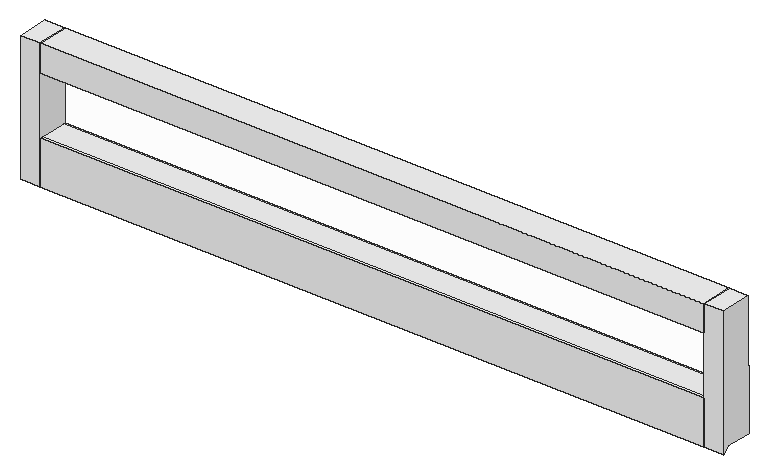
Revit family "SAE103-W", category Lighting Fixtures, host Face, Revit 2021
Family settings
  Host = Face
  Round Connector Dimension = Use Diameter
  Part Type = Normal
  OmniClass Number = 23.80.70.11.14.17
  OmniClass Title = Direct/Indirect
  Cut with Voids When Loaded = No
  Light Source = Yes
  Shared = Yes
  Room Calculation Point = No
Parameters (values of type "SAE103-W-03")
  Wattage = 4.6 W
  Warranty = "5-Years Warranty"
  built-in parameter 1150110 = 1 (stored number, unit not read)
  Voltage = 120 V
  Uplight Distribution = "Low Peak Angle"  # constant formula
  Type Comments = "Lighting FIxture"  # constant formula
  built-in parameter 1114217 = 1 (stored number, unit not read)
  Tilt Angle = -90.00°
  built-in parameter 1150109 = 1 (stored number, unit not read)
  built-in parameter 1150134 = (empty or 0)
  built-in parameter 1150113 = 1 (stored number, unit not read)
  Product Documentation Link = ""
  Power Factor = 1
  Photometric Web File = "SAE103-W-ID-LPA-04-SGL-Cx-35K-ID055.ies"
  Photometric Notes = "More IES files download on Photometric Web Link"  # constant formula
  zz Length 1 = 3' - 0"
  Wattage Comments = "121 Lumens/Watt"  # constant formula
  URL = "https://www.currentlighting.com/litecontrol"
  Product Page URL = ""
  Mounting = "Wall Mount"  # constant formula
  Model = "SAE103-W"  # constant formula
  Manufacturer = "Litecontrol"  # constant formula
  built-in parameter 1150105 = 43.561 (stored number, unit not read)
  Lumens = 547.4 lm
  built-in parameter 1150115 = 1 (stored number, unit not read)
  Load Classification = Lighting
  built-in parameter 1150137 = (empty or 0)
  built-in parameter 1150139 = (empty or 0)
  built-in parameter 1150112 = 1 (stored number, unit not read)
  built-in parameter 1150114 = 1 (stored number, unit not read)
  Lamp = "LED's"  # constant formula
  built-in parameter 1150132 = (empty or 0)
  built-in parameter 1150102 = (empty or 0)
  built-in parameter 1150107 = 3500 (stored number, unit not read)
  built-in parameter 1150138 = (empty or 0)
  built-in parameter 1150106 = 0.43561 (stored number, unit not read)
  Glass = White Glass
  Fixture Distribution = "Indirect/Direct"  # constant formula
  Emit from Rectangle Width = 0' - 3"  # constant formula
  Emit from Rectangle Length = zz Length 1 - 0' 2"  # 2' - 10"
  Emit Shape Visible in Rendering = no
  built-in parameter 1150104 = 11.055 (stored number, unit not read)
  Downlight Diffuser = "Soft Glow Lens/Blade Baffle with Overlay"  # constant formula
  Dimming Lamp Color Temperature Shift = <None>
  Description = "Linear Pendant Indirect/Direct"  # constant formula
  Default Elevation = 4' - 0"
  Copyright = "Copyright ©  Litecontrol"  # constant formula
  Contact Us = ""
  Color Filter = 16777215
  Circuiting = "1 Circuit"  # constant formula
  built-in parameter 1114218 = 1 (stored number, unit not read)
  Housing Material = Paint - Matte White
  built-in parameter 1150133 = 10 (stored number, unit not read)
  Assembly Code = "D5020200"
  Apparent Load = 0 VA
Types (5): name | zz Length 1 | Emit from Rectangle Length
  (no name) | 3' - 0" | 2' - 10"
  SAE103-W-04 | 4' - 0" | 3' - 10"
  SAE103-W-03 | 3' - 0" | 2' - 10"
  SAE103-W-06 | 6' - 0" | 5' - 10"
  SAE103-W-08 | 8' - 0" | 7' - 10"
Reference planes (in)
  plane 1 "Center (Front/Back)": y = 13.01342
  plane 2: z = 0
  plane 3 "Center (Left/Right)": x = 0
Dimensions and locks (in)
  aligned and locked: plane 2 to host face
  aligned and locked: level to host face
  aligned and locked: plane 3 "Center (Left/Right)" to imposter light
  aligned and locked: nested 1 to plane 3 "Center (Left/Right)"
  aligned and locked: imposter light to nested 1
  aligned and locked: nested 1 to plane 2
Nested families (in)
  nested 1: "103-W" at (0.01104, 13.01342, 3.31001) x (-1, 0, 0) z (0, 1, 0), Glass <- "Glass", Backbox <- "Housing Material", Length <- "zz Length 1", type "103-W"
    with Length 3' - 0", Glass White Glass, Backbox Paint - Matte White
Connectors (in)
  electrical at (0, 14.70062, 0), driven by "Load Classification", driven by "Voltage", driven by "Apparent Load", driven by "Power Factor"
    settings: on nested 1, index 1, voltage 120 V, apparent load 0 VA, apparent load phase1 0 VA, apparent load phase2 0 VA, apparent load phase3 0 VA, power factor 1, load classification "Lighting", number of poles 1, system type 30, power factor state 1, is connector primary yes, connector utility no, sub classification motor no, connector description "Electrical Conncetor"
Definition of nested family "103-W"
  Parameters
    Wattage Comments = ""
    URL = ""
    Model = ""
    Manufacturer = ""
    Length [instance] = 3' - 0"
    Lamp = ""
    Glass [instance] = none
    Description = ""
    Default Elevation = 4' - 0"
    Backbox [instance] = none
    Apparent Load = 0 VA
  Reference planes (in)
    plane 1 "Center (Front/Back)": y = 0.03999
    plane 2: z = 0
    plane 3 "Center (Left/Right)": x = 0.01104
    plane 4: z = 1.6
    plane 5: z = 1.475
    plane 6: x = -17.98896
    plane 7: x = 18.01104
    plane 8: x = -16.98896
    plane 9: x = 17.01104
    plane 10: y = 2.03999
    plane 11: y = -0.96001
    plane 12: z = 0.125
    plane 13: y = -3.31001
    plane 14: y = 3.38999
    plane 15: y = 3.26499
    plane 16: y = -3.18501
    plane 17: z = 3
    plane 18: x = -13.48896
    plane 19: x = -16.48896
    plane 20: x = -10.48896
    plane 21: x = 13.51104
    plane 22: x = 16.51104
    plane 23: x = 10.51104
  Forms (in)
    Extrusion 1, solid
      sketch origin (0, 0, 0.06357) x (1, 0, 0) y (0, 1, 0)
        loop
          line (-48, 48) -> (-48, -48) -> (48, -48) -> (48, 48) -> (-48, 48)
      from -0.06357 to -12.81105
    Extrusion 2, solid, material <- "Backbox"
      sketch origin (17.01104, -180, 29.46954) x (0, 0, 1) y (0, -1, 0)
        loop
          line (-27.86954, -183.38999) -> (-27.86954, -177.06499) -> (-29.18776, -177.06499) -> (-29.46954, -176.81499) -> (-29.46954, -183.38999) -> (-27.86954, -183.38999)
      from 0 to 1
    Extrusion 3, solid, material <- "Backbox"
      sketch origin (-16.98896, -180, 28.85133) x (0, 0, 1) y (0, -1, 0)
        loop
          line (-27.25133, -183.38999) -> (-27.25133, -177.06499) -> (-28.56955, -177.06499) -> (-28.85133, -176.81499) -> (-28.85133, -183.38999) -> (-27.25133, -183.38999)
      from 0 to -1
    Extrusion 4, solid, material <- "Glass"
      sketch origin (-23.78896, 8.13374, 2) x (0, -1, 0) y (1, 0, 0)
        loop
          line (6.09375, 6.8) -> (9.09375, 6.8) -> (9.09375, 40.8) -> (6.09375, 40.8) -> (6.09375, 6.8)
      from -0.525 to -1.875
    Extrusion 5, solid, material <- "Backbox"
      sketch origin (0.01104, 0, 0) x (0, 1, 0) y (0, 0, 1)
        loop
          line (3.38999, 1.6) -> (2.03999, 1.6) -> (2.03999, 0) -> (3.38999, 0) -> (3.38999, 1.6)
        loop
          line (-3.18501, 0) -> (-0.96001, 0) -> (-0.96001, 1.6) -> (-2.93501, 1.6) -> (-2.93501, 0.28179) -> (-3.18501, 0)
      from -17 to 17
    Extrusion 6, solid, material <- "Backbox"
      sketch origin (0.01104, 0, 0) x (0, 1, 0) y (0, 0, 1)
        loop
          line (-3.31001, 0.40503) -> (-2.93501, 0.40503) -> (-2.93501, 3) -> (-3.31001, 3) -> (-3.31001, 0.40503)
      from -16.5 to -10.5
    Extrusion 7, solid, material <- "Backbox"
      sketch origin (0.01104, 0, 0) x (0, 1, 0) y (0, 0, -1)
        loop
          line (-3.31001, -0.40503) -> (-3.31001, -3) -> (-2.93501, -3) -> (-2.93501, -0.40503) -> (-3.31001, -0.40503)
      from -16.5 to -10.5
  Cuts and joins
    joined: Extrusion 2, Extrusion 3
    joined: Extrusion 5, Extrusion 6
  Dimensions and locks (in)
    plane 4 to Extrusion 1 = 0' - 1.6"
    "Length": plane 7 to plane 6
    locked: plane 8 to plane 6 at 1
    locked: plane 7 to plane 9 at 1
    equal spacing: plane 7, plane 3 "Center (Left/Right)", plane 6
    locked: plane 12 to Extrusion 1 at 0.125
    plane 10 to plane 11 = 0' - 3"
    plane 10 to plane 1 "Center (Front/Back)" to plane 11 = 0' - 2" locked, 0' - 1" locked
    locked: plane 14 to plane 15 at 0.125
    locked: plane 16 to plane 13 at 0.125
    plane 13 to plane 14 = 0' - 6.7"
    plane 13 to plane 1 "Center (Front/Back)" = 0' - 3.35"
    equal spacing: plane 14, plane 1 "Center (Front/Back)", plane 13
    locked: plane 4 to plane 5 at 0.125
    plane 17 to plane 2 = 0' - 3"
    equal spacing: plane 23, plane 21, plane 22, locked at 3 each
    equal spacing: plane 19, plane 18, plane 20, locked at 3 each
    locked: plane 18 to plane 6 at 4.5
    locked: plane 21 to plane 7 at 4.5
    locked: plane 20 to plane 19 at 6
    locked: plane 22 to plane 23 at 6
    aligned and locked: plane 2 to Extrusion 1
    aligned and locked: plane 7 to cut or joined group of Extrusion 2, Extrusion 3
    aligned and locked: cut or joined group of Extrusion 2, Extrusion 3 to plane 6
    aligned and locked: Extrusion 5 to plane 8
    aligned and locked: plane 9 to Extrusion 5
    aligned and locked: plane 10 to Extrusion 4 sketch curve
    aligned and locked: plane 11 to Extrusion 4 sketch curve
    aligned and locked: Extrusion 3 to Extrusion 4
    aligned and locked: Extrusion 2 to Extrusion 4
    aligned and locked: Extrusion 2 to plane 9
    aligned and locked: plane 4 to Extrusion 5 sketch curve
    aligned and locked: plane 14 to Extrusion 5 sketch curve
    aligned and locked: Extrusion 5 sketch curve to level
    aligned and locked: plane 5 to Extrusion 4
    aligned and locked: Extrusion 3 sketch curve to Extrusion 5  (x2)
    aligned and locked: Extrusion 3 to level
    aligned and locked: Extrusion 2 sketch curve to cut or joined group of Extrusion 2, Extrusion 3  (x3)
    aligned and locked: plane 8 to Extrusion 3
    aligned and locked: Extrusion 6 to plane 19
    aligned and locked: Extrusion 6 to plane 20
    aligned and locked: Extrusion 7 to plane 23
    aligned and locked: Extrusion 7 to plane 22
  Automatic sketch dimensions
    Extrusion 1 sketch curve to Extrusion 1 sketch curve = 8' - 0"  (x2)
    Extrusion 2 sketch curve to plane 16 = 0' - 0"
    plane 12 to Extrusion 2 sketch curve = 0' - 0.15679"
    plane 16 to Extrusion 2 sketch curve = 0' - 0 1/4"
    Extrusion 3 sketch curve to level = 0' - 0"
    Extrusion 3 sketch curve to plane 16 = 0' - 0"
    plane 12 to Extrusion 3 sketch curve = 0' - 0.15679"
    plane 16 to Extrusion 3 sketch curve = 0' - 0 1/4"
    Extrusion 4 sketch curve to plane 8 = 0' - 0"
    Extrusion 4 sketch curve to plane 9 = 0' - 0"
    Extrusion 5 sketch curve to plane 16 = 0' - 0"
    Extrusion 5 sketch curve to plane 4 = 0' - 0"
    Extrusion 5 sketch curve to plane 11 = 0' - 0"
    Extrusion 5 sketch curve to level = 0' - 0"
    Extrusion 5 sketch curve to plane 10 = 0' - 0"
    plane 16 to Extrusion 5 sketch curve = 0' - 0 1/4"
    plane 12 to Extrusion 5 sketch curve = 0' - 0.15679"
    Extrusion 6 sketch curve to plane 13 = 0' - 0"
    Extrusion 6 sketch curve to plane 17 = 0' - 0"
    plane 16 to Extrusion 6 sketch curve = 0' - 0 1/4"
    plane 12 to Extrusion 6 sketch curve = 0' - 0.28003"
    Extrusion 7 sketch curve to plane 13 = 0' - 0"
    Extrusion 7 sketch curve to plane 17 = 0' - 0"
    plane 16 to Extrusion 7 sketch curve = 0' - 0 1/4"
    plane 12 to Extrusion 7 sketch curve = 0' - 0.28003"
